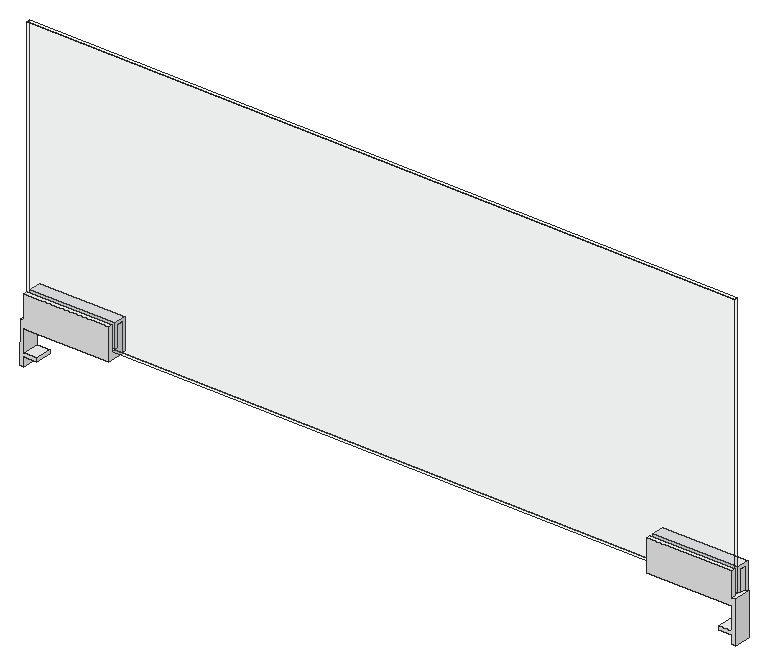
Revit family "Clarus_Divide Thinline_Center Clamp_R18", category Furniture, host Face, Revit 2018
Family settings
  Host = Face
  Cut with Voids When Loaded = No
  Shared = No
  Room Calculation Point = No
Parameters (values of type "6" Clamp - 48" Width")
  Width = 48"
  URL = "https://www.clarus.com/"
  TRC Standards [instance] = "http://therevitcollection.com/news/trc-news-the-revit-collection-standards-explained/"
  Product URL = "https://www.clarus.com/divide-thinline/"
  More Revit Families! [instance] = "www.therevitcollection.com"
  Modeled By = "Commense Studio"  # constant formula
  Model = "Divide ThinLine"  # constant formula
  Manufacturer = "Clarus"  # constant formula
  Height Control = if(Height > 30", 30", Height)  # 18"
  Edge Offset = 0"  # constant formula
  Clarus Clamp [instance] = Clarus White
  Description = "Buckle down on your workspace challenges with Divide ThinLine from Clarus®. This beautifully\r\nengineered desk divider system boasts clean lines that won’t harm your existing offi ce furniture.\r\nSince no drilling is involved and all hardware screws are strategically hidden inside the clamps,\r\nDivide ThinLine seamlessly integrates and reduces visual distractions in your offi ce, all while\r\nmaintaining the overall aesthetic. Using this new patent pending state-of-the-art clamping system,\r\nDivide ThinLine can be easily installed at the back, side or along the center of a desk, giving you the\r\nfreedom to accommodate power cords, monitor arm att achments and more. You have the option to\r\nmix and match ThinLine Top, ThinLine Side and ThinLine Center hardware on the same table, which\r\nallows you to uniquely divide up your offi ce with stability and style."  # constant formula
  Height = 18"
  Designer = ""
  Glass Thickness = 1/4"
  Default Elevation = 0"
  Clarus Glass [instance] = Glass
  Clamp Width = 6"
  Assembly Code = ""
Reference planes (in)
  plane 1 "Center (Front/Back)": y = 0
  plane 2: z = 0
  plane 3 "Center (Left/Right)": x = 0
  plane 4 "L": x = -24
  plane 5 "R": x = 24
  plane 6 "F": y = -0.25
  plane 7: z = 18.5
  plane 8: x = -24
  plane 9: x = 24
  plane 10: z = 0.5
Forms (in)
  Extrusion 1, solid, material "Glass" <- "Clarus Glass"
    sketch origin (0, 0, 0) x (1, 0, 0) y (0, 1, 0)
      loop
        line (-24, 0) -> (-24, -0.25) -> (24, -0.25) -> (24, 0) -> (-24, 0)
    from 0.5 to 18.5
Dimensions and locks (in)
  equal spacing: plane 4 "L", plane 3 "Center (Left/Right)", plane 5 "R"
  "Width": plane 4 "L" to plane 5 "R"
  "Glass Thickness": plane 6 "F" to plane 1 "Center (Front/Back)"
  "Height": plane 7 to plane 10
  "Edge Offset": plane 4 "L" to plane 8
  "Edge Offset": plane 5 "R" to plane 9
  locked: plane 10 to level at 0.5
  aligned and locked: plane 2 to host face
  aligned and locked: level to host face
  aligned and locked: plane 7 to Extrusion 1
  aligned and locked: Extrusion 1 to plane 10
  aligned and locked: nested 1 to plane 8
  aligned and locked: plane 9 to nested 2
Automatic sketch dimensions
  host sketch curve to host sketch curve = 48"
  host sketch curve to host sketch curve = 49.88232"
  Extrusion 1 sketch curve to plane 4 "L" = 0"
  Extrusion 1 sketch curve to plane 5 "R" = 0"
  plane 6 "F" to Extrusion 1 sketch curve = 0"
  plane 1 "Center (Front/Back)" to Extrusion 1 sketch curve = 0"
Nested families (in)
  nested 1: "Thinline Center Clamp_R18" at (-21.25, 0.875, 0) x (-1, 0, 0) z (0, 0, 1), Core Finish <- "Clarus Clamp", type "Thinline Center Clamp_R18"
    with TRC Standards "http://therevitcollection.com/news/trc-news-the-revit-collection-standards-explained/", More Revit Families! "www.therevitcollection.com", Core Finish Clarus White
  nested 2: "Thinline Center Clamp_R18" at (21.25, 0.875, 0), Core Finish <- "Clarus Clamp", type "Thinline Center Clamp_R18"
    with TRC Standards "http://therevitcollection.com/news/trc-news-the-revit-collection-standards-explained/", More Revit Families! "www.therevitcollection.com", Core Finish Clarus White
Definition of nested family "Thinline Center Clamp_R18"
  Parameters (values of type "Thinline Center Clamp_R18")
    Width = 6"
    URL = "https://www.clarus.com/"
    TRC Standards [instance] = "http://therevitcollection.com/news/trc-news-the-revit-collection-standards-explained/"
    Product URL = "https://www.clarus.com/be-shield/"
    More Revit Families! [instance] = "www.therevitcollection.com"
    Modeled By = "Commense Studio"  # constant formula
    Model = "be! Shield"  # constant formula
    Manufacturer = "Clarus"  # constant formula
    Core Finish [instance] = none
    Description = "be! Shield Leg Configs"  # constant formula
    Height = 4 7/16"
    Designer = ""
    Depth = 1 3/8"
    Default Elevation = 0"
    Assembly Code = ""
  Reference planes (in)
    plane 1 "Center (Front/Back)": y = 0
    plane 2: z = 0
    plane 3 "Center (Left/Right)": x = 0
    plane 4 "L": x = -3
    plane 5 "R": x = 3
    plane 6 "F": y = -1.375
    plane 7: x = 2.75
  Forms (in)
    Extrusion 1, solid
      sketch origin (0, 0, 0) x (1, 0, 0) y (0, 1, 0)
        loop
          line (-48, 48) -> (-48, -48) -> (48, -48) -> (48, 48) -> (-48, 48)
      from 0 to -12
    Extrusion 2, solid, material <- "Core Finish"
      sketch origin (10.61611, 0, 0) x (0, 0, 1) y (0, -1, 0)
        loop
          line (2.125, 1.375) -> (0, 1.375) -> (0, 0.28125) -> (1.875, 0.28125) -> (1.875, 0.59375) -> (0.5, 0.59375) -> (0.5, 1.125) -> (2.125, 1.125) -> (2.125, 1.375)
        loop
          line (0.5625, 0.6875) -> (1.9375, 0.6875) -> (1.9375, 0.1875) -> (0.06115, 0.1875) -> (0.06115, 0) -> (2.125, 0) -> (2.125, 0.875) -> (0.5625, 0.875) -> (0.5625, 0.6875)
      from -13.61611 to -7.86611
    Extrusion 3, solid, material <- "Core Finish"
      sketch origin (1.625, 9.92861, 0) x (0, 0, 1) y (1, 0, 0)
        loop
          line (0.5, 1.375) -> (-2.3125, 1.375) -> (-2.3125, 1.125) -> (-1.75135, 1.125) -> (-1.75135, 0.28125) -> (-1.50135, 0.28125) -> (-1.50135, 1.125) -> (0.5, 1.125) -> (0.5, 1.375)
      from -11.30361 to -10.20986
  Cuts and joins
    joined: Extrusion 2, Extrusion 3
  Dimensions and locks (in)
    equal spacing: plane 4 "L", plane 3 "Center (Left/Right)", plane 5 "R"
    "Width": plane 4 "L" to plane 5 "R"
    "Depth": plane 6 "F" to plane 1 "Center (Front/Back)"
    locked: plane 7 to plane 5 "R" at 0.25
    aligned and locked: plane 2 to Extrusion 1
    aligned and locked: level to Extrusion 1
    aligned and locked: Extrusion 2 to plane 4 "L"
    aligned and locked: plane 6 "F" to Extrusion 3
    aligned and locked: Extrusion 2 to plane 7
  Automatic sketch dimensions
    Extrusion 1 sketch curve to Extrusion 1 sketch curve = 96"  (x2)
    Extrusion 2 sketch curve to plane 1 "Center (Front/Back)" = 0"
    level to Extrusion 2 sketch curve = 0.06115"
    level to Extrusion 2 sketch curve = 1/2"
    Extrusion 2 sketch curve to Extrusion 2 sketch curve = 1/16"  (x2)
    plane 1 "Center (Front/Back)" to Extrusion 2 sketch curve = 19/32"
    Extrusion 2 sketch curve to Extrusion 2 sketch curve = 1 5/16"
    Extrusion 2 sketch curve to Extrusion 2 sketch curve = 3/16"  (x3)
    plane 1 "Center (Front/Back)" to Extrusion 2 sketch curve = 3/16"
    Extrusion 2 sketch curve to Extrusion 2 sketch curve = 3/32"  (x2)
    Extrusion 2 sketch curve to plane 6 "F" = 1/4"
    level to Extrusion 3 sketch curve = 1/2"
    Extrusion 3 sketch curve to plane 5 "R" = 1/4"  (x2)
    Extrusion 3 sketch curve to Extrusion 3 sketch curve = 2.00135"
    Extrusion 3 sketch curve to Extrusion 3 sketch curve = 1/4"
    Extrusion 3 sketch curve to Extrusion 3 sketch curve = 0.56115"
    Extrusion 3 sketch curve to Extrusion 3 sketch curve = 27/32"
    Extrusion 2 sketch curve to level = 0"
    Extrusion 2 sketch curve to plane 6 "F" = 0"
    Extrusion 3 sketch curve to plane 5 "R" = 0"
